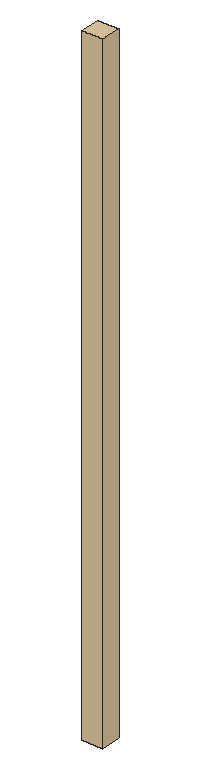
Revit family "PSL-Parallel Strand Lumber-Column", category 구조 기둥, Revit 2026
Family settings
  단면 모양 = 정의되지 않음
  모델 동작 재료 = 목재
  항상 형상으로 내보내기 = 아니오
  평면의 보 전환 = 경계 상자에서
  로드될 때 보이드를 사용하여 절단 = 아니오
  기호 표현 = 프로젝트 설정에서
  공유 = 아니오
  평면도에서 미리 절단된 패밀리 표시 = 예
Parameters (values of type "3 1/2 x 3 1/2")
  조합 코드 = "B10"
  Structural Material [instance] = Wood - Dimensional Lumber
  b = 0' - 3 1/2"
  d = 0' - 3 1/2"
Types (3): name | b | d
  (no name) | 0' - 3 1/2" | 0' - 3 1/2"
  3 1/2 x 3 1/2 | 0' - 3 1/2" | 0' - 3 1/2"
  5 1/4 x 5 1/4 | 0' - 5 1/4" | 0' - 5 1/4"
Reference planes (in)
  plane 1 "Center (Front/Back)": y = 0
  plane 2: z = 0
  plane 3 "Center (Left/Right)": x = 0
  plane 4: x = -1.75
  plane 5: x = 1.75
  plane 6: y = 1.75
  plane 7: y = -1.75
Forms (in)
  Extrusion 1, solid, material "Wood - Dimensional Lumber" <- "Structural Material", detail levels medium+fine
    sketch origin (0, 0, 0) x (1, 0, 0) y (0, 1, 0)
      loop
        line (-1.75, 1.75) -> (-1.75, -1.75) -> (1.75, -1.75) -> (1.75, 1.75) -> (-1.75, 1.75)
    from 0 to 108
Lines and regions (in)
  symbolic lines, style "StructuralColumnStickSymbols", detail levels coarse
    curve 1: line (-1.75, 1.75, 0) -> (1.75, 1.75, 0)
    curve 2: line (-1.75, -1.75, 0) -> (1.75, -1.75, 0)
    curve 3: line (-1.75, 1.75, 0) -> (-1.75, -1.75, 0)
    curve 4: line (1.75, 1.75, 0) -> (1.75, -1.75, 0)
Dimensions and locks (in)
  equal spacing: plane 4, plane 3 "Center (Left/Right)", plane 5
  equal spacing: plane 7, plane 1 "Center (Front/Back)", plane 6
  "d": plane 7 to plane 6
  "b": plane 4 to plane 5
  aligned and locked: plane 6 to Extrusion 1 sketch curve
  aligned and locked: Extrusion 1 sketch curve to plane 7
  aligned and locked: Extrusion 1 sketch curve to plane 4
  aligned and locked: plane 5 to Extrusion 1 sketch curve
  aligned and locked: level to Extrusion 1
  aligned and locked: level to plane 2
  aligned and locked: Extrusion 1 to plane 2
Automatic sketch dimensions
  curve 3 to plane 4 = 0' - 0"
  curve 4 to plane 5 = 0' - 0"
  curve 3 to plane 7 = 0' - 0"
  curve 3 to plane 6 = 0' - 0"
